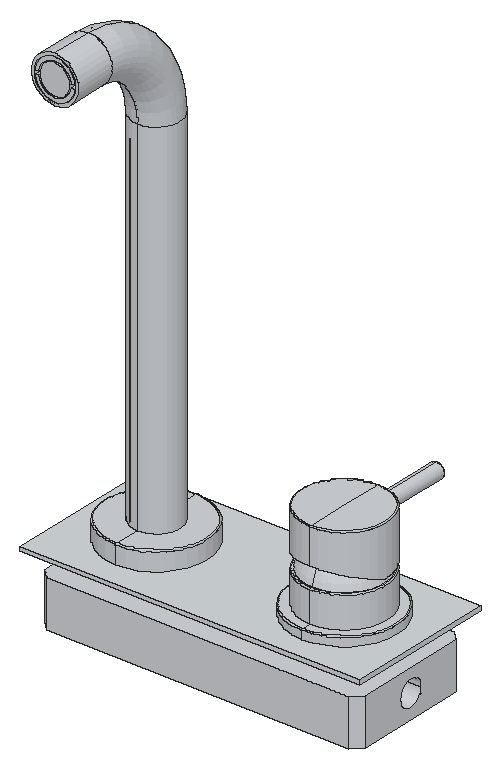
Revit family "Reece_Tap_Sussex_Scala_Curved_Basin Mixer System_25 mm", category Plumbing Fixtures, host Face, Revit 2018
Family settings
  Host = Face
  Round Connector Dimension = Use Diameter
  Part Type = Normal
  Cut with Voids When Loaded = No
  Shared = Yes
  Room Calculation Point = Yes
Parameters (values of type "250 mm_6 Star_Right Hand_Brushed Nickel")
  WFU = 0  # constant formula
  URL = "https://www.reece.com.au/product/-226012"
  Type Comments = "Tap"
  Reece_Tap_Reach = 250 mm
  Reece_Tap_Outlet_Reach = Reece_Tap_Reach - 2 mm  # 248 mm
  Reece_Tap_Inlet_Right = 12 mm
  Reece_Tap_Inlet_Left = 0 mm
  Reece_Tap_Handle_Top_Height = 27 mm  # constant formula
  Reece_Tap_Handle_Length = 84 mm  # constant formula
  Reece_Tap_Handle_Height = 51.5 mm  # constant formula
  Reece_Tap_Handle_Bottom_Height = 21.8 mm  # constant formula
  Reece_Tap_Clearance = 67 mm  # constant formula
  Reece_Right_Void = 24 mm
  Reece_Right Hand = not(Reece_Left Hand)  # yes
  Reece_Product_Web Page = "https://www.reece.com.au/product/-226012"
  Reece_Product_Type = "Tap"  # constant formula
  Reece_Product_Sub Brand = "Scala"  # constant formula
  Reece_Product_Number = "226012"
  Reece_Product_Mount = "Wall Mounted"
  Reece_Product_Description = "Sussex Scala 25mm Curved Wall Basin Mixer Tap System Right Hand Mixer Tap 250mm Outlet Brushed Nickel (6 Star)"
  Reece_Product_Brand = "Sussex"  # constant formula
  Reece_Plumbing_Right_Void_Length = 25 mm
  Reece_Plumbing_Left_Void_Length = 3 mm
  Reece_Overall_Width = 80 mm  # constant formula
  Reece_Overall_Length = 180 mm  # constant formula
  Reece_Overall_Diameter = 56 mm  # constant formula
  Reece_Material_Main = Reece_Brass_Brushed Nickel
  Reece_Left_Void = 12.5 mm
  Reece_Left Hand = no
  Reece_Detail_Shape = "Curved"  # constant formula
  Reece_Detail_Installation = ""
  Reece_Detail_Disclaimer = "THIS FILE IS THE PROPERTY OF THE REECE GROUP. IT MAY NOT BE REPRODUCED, REVERSE-ENGINEERED OR MODIFIED. ANY REPUBLICATION, TRANSMISSION OR DISTRIBUTION FOR THE PURPOSE OF COMMERCIALLY EXPLOITING THE FILES IS PROHIBITED."  # constant formula
  Reece_Detail_Connector = "Right Hand"
  Reece_Detail_Additional = "Basin Mixer System"  # constant formula
  Reece_Backplate_Thickness = 10 mm  # constant formula
  Model = "Scala"
  Manufacturer = "Sussex"
  Keynote = "Product #226012, Reece_Tap_Sussex_Scala_Curved_Basin Mixer System_25 mm - 250 mm_6 Star_Right Hand_Brushed Nickel"
  HWFU = 0  # constant formula
  Disclaimer = "THIS FILE IS THE PROPERTY OF THE REECE GROUP. IT MAY NOT BE REPRODUCED, REVERSE-ENGINEERED OR MODIFIED. ANY REPUBLICATION, TRANSMISSION OR DISTRIBUTION FOR THE PURPOSE OF COMMERCIALLY EXPLOITING THE FILES IS PROHIBITED."  # constant formula
  Description = "Scala 25mm Curved Wall Basin Mixer Tap System Right Hand Mixer Tap 250mm Outlet Brushed Nickel (6 Star)"
  Default Elevation = 1000 mm
  CWFU = 0  # constant formula
Types (20, lengths in mm): name | URL | Reece_Tap_Reach | Reece_Tap_Outlet_Reach | Reece_Tap_Inlet_Right | Reece_Tap_Inlet_Left | Reece_Right_Void | Reece_Right Hand | Reece_Product_Web Page | Reece_Product_Number | Reece_Product_Description | Reece_Plumbing_Right_Void_Length | Reece_Plumbing_Left_Void_Length | Reece_Material_Main | Reece_Left_Void | Reece_Left Hand | Reece_Detail_Connector | Keynote | Description
  160 mm_6 Star_Left Hand_Chrome | "https://www.reece.com.au/product/-2263023" | 160 | 158 | 0 | 12 | 12.5 | no | "https://www.reece.com.au/product/-2263023" | "2263023" | "Sussex Scala 25mm Curved Wall Basin Mixer Tap System Left Hand Mixer Tap 160mm Outlet Chrome (6 Star)" | 3 | 25 | Reece_Brass_Chrome | 24 | yes | "Left Hand" | "Product #2263023, Reece_Tap_Sussex_Scala_Curved_Basin Mixer System_25 mm - 160 mm_6 Star_Left Hand_Chrome" | "Scala 25mm Curved Wall Basin Mixer Tap System Left Hand Mixer Tap 160mm Outlet Chrome (6 Star)"
  160 mm_6 Star_Right Hand_Brushed Nickel | "https://www.reece.com.au/product/-226001" | 160 | 158 | 12 | 0 | 24 | yes | "https://www.reece.com.au/product/-226001" | "226001" | "Sussex Scala 25mm Curved Wall Basin Mixer Tap System Right Hand Mixer Tap 160mm Outlet Brushed Nickel (6 Star)" | 25 | 3 | Reece_Brass_Brushed Nickel | 12.5 | no | "Right Hand" | "Product #226001, Reece_Tap_Sussex_Scala_Curved_Basin Mixer System_25 mm - 160 mm_6 Star_Right Hand_Brushed Nickel" | "Scala 25mm Curved Wall Basin Mixer Tap System Right Hand Mixer Tap 160mm Outlet Brushed Nickel (6 Star)"
  160 mm_6 Star_Left Hand_PVD Brushed Platinum Gold | "https://www.reece.com.au/product/-2268245" | 160 | 158 | 0 | 12 | 12.5 | no | "https://www.reece.com.au/product/-2268245" | "2268245" | "Sussex Scala 25mm Curved Wall Basin Mixer Tap System Left Hand Mixer Tap 160mm Outlet LUX PVD Brushed Platinum Gold (6 Star)" | 3 | 25 | Reece_PVD_Brushed_Platinum Gold | 24 | yes | "Left Hand" | "Product #2268245, Reece_Tap_Sussex_Scala_Curved_Basin Mixer System_25 mm - 160 mm_6 Star_Left Hand_PVD Brushed Platinum Gold" | "Scala 25mm Curved Wall Basin Mixer Tap System Left Hand Mixer Tap 160mm Outlet LUX PVD Brushed Platinum Gold (6 Star)"
  200 mm_6 Star_Left Hand_Chrome | "https://www.reece.com.au/product/-2263025" | 200 | 198 | 0 | 12 | 12.5 | no | "https://www.reece.com.au/product/-2263025" | "2263025" | "Sussex Scala 25mm Curved Wall Basin Mixer Tap System Left Hand Mixer Tap 200mm Outlet Chrome (6 Star)" | 3 | 25 | Reece_Brass_Chrome | 24 | yes | "Left Hand" | "Product #2263025, Reece_Tap_Sussex_Scala_Curved_Basin Mixer System_25 mm - 200 mm_6 Star_Left Hand_Chrome" | "Scala 25mm Curved Wall Basin Mixer Tap System Left Hand Mixer Tap 200mm Outlet Chrome (6 Star)"
  200 mm_6 Star_Left Hand_PVD Brushed Platinum Gold | "https://www.reece.com.au/product/-2268246" | 200 | 198 | 0 | 12 | 12.5 | no | "https://www.reece.com.au/product/-2268246" | "2268246" | "Sussex Scala 25mm Curved Wall Basin Mixer Tap System Left Hand Mixer Tap 200mm Outlet LUX PVD Brushed Platinum Gold (6 Star)" | 3 | 25 | Reece_PVD_Brushed_Platinum Gold | 24 | yes | "Left Hand" | "Product #2268246, Reece_Tap_Sussex_Scala_Curved_Basin Mixer System_25 mm - 200 mm_6 Star_Left Hand_PVD Brushed Platinum Gold" | "Scala 25mm Curved Wall Basin Mixer Tap System Left Hand Mixer Tap 200mm Outlet LUX PVD Brushed Platinum Gold (6 Star)"
  200 mm_6 Star_Left Hand_Matte Black | "https://www.reece.com.au/product/-2284016" | 200 | 198 | 0 | 12 | 12.5 | no | "https://www.reece.com.au/product/-2284016" | "2284016" | "Sussex Scala 25mm Curved Wall Basin Mixer Tap System Left Hand Mixer Tap 200mm Outlet Matte Black (6 Star)" | 3 | 25 | Reece_Brass_Matte Black | 24 | yes | "Left Hand" | "Product #2284016, Reece_Tap_Sussex_Scala_Curved_Basin Mixer System_25 mm - 200 mm_6 Star_Left Hand_Matte Black" | "Scala 25mm Curved Wall Basin Mixer Tap System Left Hand Mixer Tap 200mm Outlet Matte Black (6 Star)"
  250 mm_6 Star_Left Hand_Chrome | "https://www.reece.com.au/product/-2263027" | 250 | 248 | 0 | 12 | 12.5 | no | "https://www.reece.com.au/product/-2263027" | "2263027" | "Sussex Scala 25mm Curved Wall Basin Mixer Tap System Left Hand Mixer Tap 250mm Outlet Chrome (6 Star)" | 3 | 25 | Reece_Brass_Chrome | 24 | yes | "Left Hand" | "Product #2263027, Reece_Tap_Sussex_Scala_Curved_Basin Mixer System_25 mm - 250 mm_6 Star_Left Hand_Chrome" | "Scala 25mm Curved Wall Basin Mixer Tap System Left Hand Mixer Tap 250mm Outlet Chrome (6 Star)"
  250 mm_6 Star_Left Hand_PVD Brushed Platinum Gold | "https://www.reece.com.au/product/-2268247" | 250 | 248 | 0 | 12 | 12.5 | no | "https://www.reece.com.au/product/-2268247" | "2268247" | "Sussex Scala 25mm Curved Wall Basin Mixer Tap System Left Hand Mixer Tap 250mm Outlet LUX PVD Brushed Platinum Gold (6 Star)" | 25 | 3 | Reece_PVD_Brushed_Platinum Gold | 24 | yes | "Left Hand" | "Product #2268247, Reece_Tap_Sussex_Scala_Curved_Basin Mixer System_25 mm - 250 mm_6 Star_Left Hand_PVD Brushed Platinum Gold" | "Scala 25mm Curved Wall Basin Mixer Tap System Left Hand Mixer Tap 250mm Outlet LUX PVD Brushed Platinum Gold (6 Star)"
  160 mm_6 Star_Right Hand_Chrome | "https://www.reece.com.au/product/-2263024" | 160 | 158 | 12 | 0 | 24 | yes | "https://www.reece.com.au/product/-2263024" | "2263024" | "Sussex Scala 25mm Curved Wall Basin Mixer Tap System Right Hand Mixer Tap 160mm Outlet Chrome (6 Star)" | 25 | 3 | Reece_Brass_Chrome | 12.5 | no | "Right Hand" | "Product #2263024, Reece_Tap_Sussex_Scala_Curved_Basin Mixer System_25 mm - 160 mm_6 Star_Right Hand_Chrome" | "Scala 25mm Curved Wall Basin Mixer Tap System Right Hand Mixer Tap 160mm Outlet Chrome (6 Star)"
  160 mm_6 Star_Right Hand_Living Rustic Bronze | "https://www.reece.com.au/product/-2264201" | 160 | 158 | 12 | 0 | 24 | yes | "https://www.reece.com.au/product/-2264201" | "2264201" | "Sussex Scala 25mm Curved Wall Basin Mixer Tap System Right Hand Mixer Tap 160mm Outlet Living Rustic Bronze (6 Star)" | 25 | 3 | Reece_Metal_Bronze_Living Rustic | 12.5 | no | "Right Hand" | "Product #2264201, Reece_Tap_Sussex_Scala_Curved_Basin Mixer System_25 mm - 160 mm_6 Star_Right Hand_Living Rustic Bronze" | "Scala 25mm Curved Wall Basin Mixer Tap System Right Hand Mixer Tap 160mm Outlet Living Rustic Bronze (6 Star)"
  160 mm_6 Star_Right Hand_PVD Brushed Platinum Gold | "https://www.reece.com.au/product/-2268242" | 160 | 158 | 12 | 0 | 24 | yes | "https://www.reece.com.au/product/-2268242" | "2268242" | "Sussex Scala 25mm Curved Wall Basin Mixer Tap System Right Hand Mixer Tap 160mm Outlet LUX PVD Brushed Platinum Gold (6 Star)" | 25 | 3 | Reece_PVD_Brushed_Platinum Gold | 12.5 | no | "Right Hand" | "Product #2268242, Reece_Tap_Sussex_Scala_Curved_Basin Mixer System_25 mm - 160 mm_6 Star_Right Hand_PVD Brushed Platinum Gold" | "Scala 25mm Curved Wall Basin Mixer Tap System Right Hand Mixer Tap 160mm Outlet LUX PVD Brushed Platinum Gold (6 Star)"
  200 mm_6 Star_Right Hand_Brushed Gunmetal | "https://www.reece.com.au/product/-2262513" | 200 | 198 | 12 | 0 | 24 | yes | "https://www.reece.com.au/product/-2262513" | "2262513" | "Sussex Scala 25mm Curved Wall Basin Mixer Tap System Right Hand Mixer Tap 200mm Outlet Brushed Gunmetal (6 Star)" | 25 | 3 | Reece_Brass_Brushed Gunmetal | 12.5 | no | "Right Hand" | "Product #2262513, Reece_Tap_Sussex_Scala_Curved_Basin Mixer System_25 mm - 200 mm_6 Star_Right Hand_Brushed Gunmetal" | "Scala 25mm Curved Wall Basin Mixer Tap System Right Hand Mixer Tap 200mm Outlet Brushed Gunmetal (6 Star)"
  200 mm_6 Star_Right Hand_Brushed Nickel | "https://www.reece.com.au/product/-226011" | 200 | 198 | 12 | 0 | 24 | yes | "https://www.reece.com.au/product/-226011" | "226011" | "Sussex Scala 25mm Curved Wall Basin Mixer Tap System Right Hand Mixer Tap 200mm Outlet Brushed Nickel (6 Star)" | 25 | 3 | Reece_Brass_Brushed Nickel | 12.5 | no | "Right Hand" | "Product #226011, Reece_Tap_Sussex_Scala_Curved_Basin Mixer System_25 mm - 200 mm_6 Star_Right Hand_Brushed Nickel" | "Scala 25mm Curved Wall Basin Mixer Tap System Right Hand Mixer Tap 200mm Outlet Brushed Nickel (6 Star)"
  200 mm_6 Star_Right Hand_Chrome | "https://www.reece.com.au/product/-2263026" | 200 | 198 | 12 | 0 | 24 | yes | "https://www.reece.com.au/product/-2263026" | "2263026" | "Sussex Scala 25mm Curved Wall Basin Mixer Tap System Right Hand Mixer Tap 200mm Outlet Chrome (6 Star)" | 25 | 3 | Reece_Brass_Chrome | 12.5 | no | "Right Hand" | "Product #2263026, Reece_Tap_Sussex_Scala_Curved_Basin Mixer System_25 mm - 200 mm_6 Star_Right Hand_Chrome" | "Scala 25mm Curved Wall Basin Mixer Tap System Right Hand Mixer Tap 200mm Outlet Chrome (6 Star)"
  200 mm_6 Star_Right Hand_Living Brushed Brass | "https://www.reece.com.au/product/-2266931" | 200 | 198 | 12 | 0 | 24 | yes | "https://www.reece.com.au/product/-2266931" | "2266931" | "Sussex Scala 25mm Curved Wall Basin Mixer Tap System Right Hand Mixer Tap 200mm Outlet Living Brushed Brass (6 Star)" | 25 | 3 | Reece_Brass_Living Brushed | 12.5 | no | "Right Hand" | "Product #2266931, Reece_Tap_Sussex_Scala_Curved_Basin Mixer System_25 mm - 200 mm_6 Star_Right Hand_Living Brushed Brass" | "Scala 25mm Curved Wall Basin Mixer Tap System Right Hand Mixer Tap 200mm Outlet Living Brushed Brass (6 Star)"
  200 mm_6 Star_Right Hand_PVD Brushed Platinum Gold | "https://www.reece.com.au/product/-2268244" | 200 | 198 | 12 | 0 | 24 | yes | "https://www.reece.com.au/product/-2268244" | "2268244" | "Sussex Scala 25mm Curved Wall Basin Mixer Tap System Right Hand Mixer Tap 200mm Outlet LUX PVD Brushed Platinum Gold (6 Star)" | 25 | 3 | Reece_PVD_Brushed_Platinum Gold | 12.5 | no | "Right Hand" | "Product #2268244, Reece_Tap_Sussex_Scala_Curved_Basin Mixer System_25 mm - 200 mm_6 Star_Right Hand_PVD Brushed Platinum Gold" | "Scala 25mm Curved Wall Basin Mixer Tap System Right Hand Mixer Tap 200mm Outlet LUX PVD Brushed Platinum Gold (6 Star)"
  200 mm_6 Star_Right Hand_Matte Black | "https://www.reece.com.au/product/-2284017" | 200 | 198 | 12 | 0 | 24 | yes | "https://www.reece.com.au/product/-2284017" | "2284017" | "Sussex Scala 25mm Curved Wall Basin Mixer Tap System Right Hand Mixer Tap 200mm Outlet Matte Black (6 Star)" | 25 | 3 | Reece_Brass_Matte Black | 12.5 | no | "Right Hand" | "Product #2284017, Reece_Tap_Sussex_Scala_Curved_Basin Mixer System_25 mm - 200 mm_6 Star_Right Hand_Matte Black" | "Scala 25mm Curved Wall Basin Mixer Tap System Right Hand Mixer Tap 200mm Outlet Matte Black (6 Star)"
  250 mm_6 Star_Right Hand_Brushed Nickel | "https://www.reece.com.au/product/-226012" | 250 | 248 | 12 | 0 | 24 | yes | "https://www.reece.com.au/product/-226012" | "226012" | "Sussex Scala 25mm Curved Wall Basin Mixer Tap System Right Hand Mixer Tap 250mm Outlet Brushed Nickel (6 Star)" | 25 | 3 | Reece_Brass_Brushed Nickel | 12.5 | no | "Right Hand" | "Product #226012, Reece_Tap_Sussex_Scala_Curved_Basin Mixer System_25 mm - 250 mm_6 Star_Right Hand_Brushed Nickel" | "Scala 25mm Curved Wall Basin Mixer Tap System Right Hand Mixer Tap 250mm Outlet Brushed Nickel (6 Star)"
  250 mm_6 Star_Right Hand_Chrome | "https://www.reece.com.au/product/-2263028" | 250 | 248 | 12 | 0 | 24 | yes | "https://www.reece.com.au/product/-2263028" | "2263028" | "Sussex Scala 25mm Curved Wall Basin Mixer Tap System Right Hand Mixer Tap 250mm Outlet Chrome (6 Star)" | 25 | 3 | Reece_Brass_Chrome | 12.5 | no | "Right Hand" | "Product #2263028, Reece_Tap_Sussex_Scala_Curved_Basin Mixer System_25 mm - 250 mm_6 Star_Right Hand_Chrome" | "Scala 25mm Curved Wall Basin Mixer Tap System Right Hand Mixer Tap 250mm Outlet Chrome (6 Star)"
  250 mm_6 Star_Right Hand_PVD Brushed Platinum Gold | "https://www.reece.com.au/product/-2268243" | 250 | 248 | 12 | 0 | 24 | yes | "https://www.reece.com.au/product/-2268243" | "2268243" | "Sussex Scala 25mm Curved Wall Basin Mixer Tap System Right Hand Mixer Tap 250mm Outlet LUX PVD Brushed Platinum Gold (6 Star)" | 25 | 3 | Reece_PVD_Brushed_Platinum Gold | 12.5 | no | "Right Hand" | "Product #2268243, Reece_Tap_Sussex_Scala_Curved_Basin Mixer System_25 mm - 250 mm_6 Star_Right Hand_PVD Brushed Platinum Gold" | "Scala 25mm Curved Wall Basin Mixer Tap System Right Hand Mixer Tap 250mm Outlet LUX PVD Brushed Platinum Gold (6 Star)"
Reference planes
  plane 1 "Center (Front/Back)": y = 0
  plane 2 "Bottom": z = 0
  plane 3 "Center (Left/Right)": x = 0
  plane 4 "Top": z = 250
  plane 5: y = 40
  plane 6: y = -40
  plane 7: x = -90
  plane 8: x = 90
  plane 9: x = -49.8
  plane 10: x = 49.8
  plane 11: y = -67
  plane 12: z = 2
  plane 13: z = -23.75
  plane 14: x = -87
  plane 15: y = 37
  plane 16: y = 15
  plane 17: x = 65
  plane 18: y = -22.5
  plane 19: y = 61.5
Forms (mm)
  Extrusion 1, solid, material "Reece_Brass_Brushed Nickel" <- "Reece_Material_Main"
    sketch origin (0, 0, 0) x (1, 0, 0) y (0, 1, 0)
      loop
        line (-90, 40) -> (-90, -40) -> (90, -40) -> (90, 40) -> (-90, 40)
    from 0 to 2
  Revolve 2, void
    sketch origin (0, 0, 0) x (1, 0, 0) y (0, 0, 1)
      loop
        line (-49.8, 2) -> (-49.8, -39.258) -> (-37.3, -39.258) -> (-37.3, 2) -> (-49.8, 2)
      axis (-49.8, 2) -> (-49.8, -39.258)
    angle from 0 to 360
  Revolve 3, void
    sketch origin (99.6, 0, 0) x (1, 0, 0) y (0, 0, 1)
      loop
        line (-49.8, 2) -> (-49.8, -41.506) -> (-25.8, -41.506) -> (-25.8, 2) -> (-49.8, 2)
      axis (-49.8, 2) -> (-49.8, -41.506)
    angle from 0 to 360
  Revolve 4, solid, visible <- "Reece_Left Hand"
    sketch origin (-79.101, 0, 1219.2) x (-1, 0, 0) y (0, 0, -1)
      loop
        line (-140.374, 1230.612) -> (-140.374, 1229.603) -> (-139.209, 1229.603) -> (-139.978, 1229.064) -> (-139.209, 1228.526) -> (-139.978, 1227.987) -> (-139.209, 1227.449) -> (-139.978, 1226.91) -> (-139.209, 1226.371) -> (-139.978, 1225.833) -> (-139.209, 1225.294) -> (-139.978, 1224.756) -> (-139.209, 1224.217) -> (-139.978, 1223.678) -> (-139.209, 1223.14) -> (-139.978, 1222.601) -> (-139.209, 1222.063) -> (-139.978, 1221.524) -> (-139.209, 1220.985) -> (-139.978, 1220.447) -> (-139.209, 1219.908) -> (-139.978, 1219.37) -> (-139.209, 1218.831) -> (-139.978, 1218.292) -> (-139.209, 1217.754) -> (-140, 1217.2) -> (-128.901, 1217.2) -> (-128.901, 1230.612) -> (-140.374, 1230.612)
      axis (-128.901, 1217.2) -> (-128.901, 1230.612)
    angle from 0 to 360
  Extrusion 5, solid
    sketch origin (0, 0, 0) x (1, 0, 0) y (0, 1, 0)
      loop
        line (-85, 30) -> (-85, -30) -> (-80, -35) -> (80, -35) -> (85, -30) -> (85, 30) -> (80, 35) -> (-80, 35) -> (-85, 30)
    from -36.057 to -11.412
  Extrusion 6, void
    sketch origin (0, 0, 0) x (1, 0, 0) y (0, 1, 0)
      loop
        line (-90, 40) -> (-90, -40) -> (90, -40) -> (90, 40) -> (-90, 40)
    from -46.112 to 0
  Revolve 7, solid, visible <- "Reece_Left Hand"
    sketch origin (0, 0, 0) x (1, 0, 0) y (0, 0, 1)
      loop
        line (-49.8, 2) -> (-49.8, -11.412) -> (-27.752, -11.412) -> (-27.752, 2) -> (-49.8, 2)
      axis (-49.8, 2) -> (-49.8, -11.412)
    angle from 0 to 360
  Revolve 8, solid, visible <- "Reece_Right Hand"
    sketch origin (99.6, 0, 0) x (1, 0, 0) y (0, 0, 1)
      loop
        line (-49.8, 2) -> (-49.8, -11.412) -> (-27.752, -11.412) -> (-27.752, 2) -> (-49.8, 2)
      axis (-49.8, 2) -> (-49.8, -11.412)
    angle from 0 to 360
  Revolve 9, solid, visible <- "Reece_Right Hand"
    sketch origin (79.101, 0, 1219.2) x (1, 0, 0) y (0, 0, 1)
      loop
        line (-140.374, -1230.612) -> (-128.901, -1230.612) -> (-128.901, -1217.2) -> (-140, -1217.2) -> (-139.209, -1217.754) -> (-139.978, -1218.292) -> (-139.209, -1218.831) -> (-139.978, -1219.37) -> (-139.209, -1219.908) -> (-139.978, -1220.447) -> (-139.209, -1220.985) -> (-139.978, -1221.524) -> (-139.209, -1222.063) -> (-139.978, -1222.601) -> (-139.209, -1223.14) -> (-139.978, -1223.678) -> (-139.209, -1224.217) -> (-139.978, -1224.756) -> (-139.209, -1225.294) -> (-139.978, -1225.833) -> (-139.209, -1226.371) -> (-139.978, -1226.91) -> (-139.209, -1227.449) -> (-139.978, -1227.987) -> (-139.209, -1228.526) -> (-139.978, -1229.064) -> (-139.209, -1229.603) -> (-140.374, -1229.603) -> (-140.374, -1230.612)
      axis (-128.901, -1217.2) -> (-128.901, -1230.612)
    angle from 0 to 360
  Revolve 10, void
    sketch origin (0, 0, -23.75) x (1, 0, 0) y (0, 1, 0)
      loop
        line (34.8, 15) -> (41.8, 15) -> (41.8, 40) -> (34.8, 40) -> (34.8, 15)
      axis (34.8, 40) -> (34.8, 15)
    angle from 0 to 360
  Revolve 11, void
    sketch origin (0, 0, -23.5) x (1, 0, 0) y (0, 1, 0)
      loop
        line (65, 0) -> (90, 0) -> (90, 7) -> (65, 7) -> (65, 0)
      axis (65, 0) -> (90, 0)
    angle from 0 to 360
  Revolve 12, void
    sketch origin (0, 0, -23.75) x (-1, 0, 0) y (0, -1, 0)
      loop
        line (34.8, -37) -> (34.8, -40) -> (41.8, -40) -> (41.8, -37) -> (34.8, -37)
      axis (34.8, -40) -> (34.8, -37)
    angle from 0 to 360
  Revolve 13, void
    sketch origin (0, 0, -23.5) x (-1, 0, 0) y (0, -1, 0)
      loop
        line (87, 0) -> (87, -7) -> (90, -7) -> (90, 0) -> (87, 0)
      axis (87, 0) -> (90, 0)
    angle from 0 to 360
Cuts and joins
  Revolve 2, Revolve 3, Revolve 10 cuts Extrusion 1
  Revolve 10 cuts Revolve 8
  Revolve 10, Revolve 11, Revolve 12, Revolve 13 cuts Extrusion 5
Text (mm)
  text "Reece Copyright © 2018, Reece Ltd." at (-184.095, -168.531, 0), in view "Ref. Level"
  text "Reece ©" at (44.384, 258.95, 192.345), in view "Reece Preview"
Dimensions and locks
  "Reece_Tap_Reach": plane 4 "Top" to plane 2 "Bottom"
  "Reece_Overall_Width": plane 6 to plane 5
  "Reece_Overall_Length": plane 7 to plane 8
  plane 9 to plane 10 = 99.6 mm
  "Reece_Tap_Clearance": plane 11 to plane 1 "Center (Front/Back)"
  plane 4 "Top" to plane 2 "Bottom" = 250 mm
  plane 10 to plane 9 = 99.6 mm
  plane 2 "Bottom" to plane 4 "Top" = 250 mm
  "Reece_Tap_Clearance": plane 1 "Center (Front/Back)" to plane 11
  "Reece_Left_Void": Revolve 2 sketch curve to Revolve 2 sketch curve
  "Reece_Right_Void": Revolve 3 sketch curve to Revolve 3 sketch curve
  "Reece_Plumbing_Left_Void_Length": plane 7 to plane 14
  "Reece_Plumbing_Left_Void_Length": plane 15 to plane 5
  "Reece_Plumbing_Right_Void_Length": plane 5 to plane 16
  "Reece_Plumbing_Right_Void_Length": plane 17 to plane 8
  "Reece_Tap_Handle_Length": plane 19 to plane 18
  aligned and locked: plane 2 "Bottom" to host face
  aligned and locked: level to host face
  aligned and locked: plane 9 to nested 3
  aligned and locked: plane 10 to nested 4
  aligned and locked: plane 1 "Center (Front/Back)" to nested 4
  aligned and locked: plane 5 to Revolve 10 sketch curve
  aligned and locked: plane 7 to Revolve 13
  aligned and locked: plane 15 to cut or joined group of Extrusion 5, Revolve 10, Revolve 11, Revolve 12, Revolve 13
  aligned and locked: plane 16 to cut or joined group of Extrusion 5, Revolve 10, Revolve 11, Revolve 12, Revolve 13
  aligned and locked: plane 17 to cut or joined group of Extrusion 5, Revolve 10, Revolve 11, Revolve 12, Revolve 13
  aligned and locked: plane 14 to Revolve 13
Automatic sketch dimensions
  host sketch curve to host sketch curve = 380.785 mm
  host sketch curve to host sketch curve = 317.421 mm
  plane 6 to Extrusion 1 sketch curve = 0 mm
  Extrusion 1 sketch curve to plane 7 = 0 mm
  Extrusion 1 sketch curve to plane 8 = 0 mm
  plane 5 to Extrusion 1 sketch curve = 0 mm
  Revolve 4 sketch curve to plane 12 = 0 mm
  Revolve 4 sketch curve to plane 10 = 0 mm  (x2)
  level to Revolve 4 sketch curve = 0.369 mm
  plane 10 to Revolve 4 sketch curve = 10.308 mm
  Revolve 4 sketch curve to plane 12 = 0.554 mm
  Revolve 4 sketch curve to Revolve 4 sketch curve = 0 mm  (x11)
  Revolve 4 sketch curve to level = 0.708 mm
  Revolve 4 sketch curve to level = 1.785 mm
  Revolve 4 sketch curve to level = 2.863 mm
  Revolve 4 sketch curve to level = 3.94 mm
  Revolve 4 sketch curve to level = 5.017 mm
  Revolve 4 sketch curve to Revolve 4 sketch curve = 0.769 mm  (x11)
  Revolve 4 sketch curve to level = 4.478 mm
  Revolve 4 sketch curve to level = 3.401 mm
  Revolve 4 sketch curve to level = 2.324 mm
  Revolve 4 sketch curve to level = 1.247 mm
  Revolve 4 sketch curve to level = 0.17 mm
  level to Revolve 4 sketch curve = 0.908 mm
  Revolve 4 sketch curve to Revolve 4 sketch curve = 0.791 mm
  Revolve 4 sketch curve to Revolve 4 sketch curve = 0.397 mm
  Revolve 4 sketch curve to Revolve 4 sketch curve = 0.539 mm  (x10)
  Revolve 4 sketch curve to Revolve 4 sketch curve = 1.009 mm
  Revolve 4 sketch curve to Revolve 4 sketch curve = 6.93 mm
  Revolve 4 sketch curve to plane 13 = 13.767 mm
  Extrusion 5 sketch curve to plane 7 = 5 mm
  plane 5 to Extrusion 5 sketch curve = 5 mm
  Extrusion 5 sketch curve to Extrusion 5 sketch curve = 5 mm  (x6)
  Extrusion 5 sketch curve to plane 6 = 5 mm
  plane 8 to Extrusion 5 sketch curve = 10 mm  (x2)
  plane 8 to Extrusion 5 sketch curve = 5 mm
  plane 6 to Extrusion 6 sketch curve = 0 mm
  Extrusion 6 sketch curve to plane 7 = 0 mm
  Extrusion 6 sketch curve to plane 8 = 0 mm
  plane 5 to Extrusion 6 sketch curve = 0 mm
  Revolve 7 sketch curve to plane 9 = 0 mm  (x2)
  Revolve 7 sketch curve to plane 12 = 0 mm
  plane 9 to Revolve 7 sketch curve = 22.048 mm
  Revolve 7 sketch curve to level = 11.412 mm
  Revolve 7 sketch curve to level = 3 mm
  plane 13 to Revolve 7 sketch curve = 5.75 mm
  Revolve 8 sketch curve to plane 10 = 0 mm  (x2)
  Revolve 8 sketch curve to plane 12 = 0 mm
  plane 8 to Revolve 8 sketch curve = 18.152 mm
  Revolve 8 sketch curve to level = 11.412 mm
  Revolve 8 sketch curve to level = 3 mm
  plane 13 to Revolve 8 sketch curve = 5.75 mm
  Revolve 9 sketch curve to plane 12 = 0 mm
  Revolve 9 sketch curve to plane 9 = 0 mm  (x2)
  level to Revolve 9 sketch curve = 0.369 mm
  Revolve 9 sketch curve to plane 9 = 10.308 mm
  Revolve 9 sketch curve to plane 12 = 0.554 mm
  Revolve 9 sketch curve to Revolve 9 sketch curve = 0 mm  (x11)
  Revolve 9 sketch curve to level = 0.708 mm
  Revolve 9 sketch curve to level = 1.785 mm
  Revolve 9 sketch curve to level = 2.863 mm
  Revolve 9 sketch curve to level = 3.94 mm
  Revolve 9 sketch curve to level = 5.017 mm
  Revolve 9 sketch curve to Revolve 9 sketch curve = 0.769 mm  (x11)
  Revolve 9 sketch curve to level = 4.478 mm
  Revolve 9 sketch curve to level = 3.401 mm
  Revolve 9 sketch curve to level = 2.324 mm
  Revolve 9 sketch curve to level = 1.247 mm
  Revolve 9 sketch curve to level = 0.17 mm
  level to Revolve 9 sketch curve = 0.908 mm
  Revolve 9 sketch curve to Revolve 9 sketch curve = 0.791 mm
  Revolve 9 sketch curve to Revolve 9 sketch curve = 0.397 mm
  Revolve 9 sketch curve to Revolve 9 sketch curve = 0.539 mm  (x10)
  Revolve 9 sketch curve to Revolve 9 sketch curve = 1.009 mm
  Revolve 9 sketch curve to plane 13 = 13.767 mm
  Revolve 9 sketch curve to Revolve 9 sketch curve = 6.93 mm
  Revolve 10 sketch curve to plane 10 = 15 mm
  Revolve 10 sketch curve to Revolve 10 sketch curve = 7 mm
  Revolve 10 sketch curve to plane 1 "Center (Front/Back)" = 15 mm
  Revolve 10 sketch curve to Revolve 10 sketch curve = 0 mm
  Revolve 10 sketch curve to Revolve 10 sketch curve = 9.784 mm
  Revolve 10 sketch curve to Revolve 10 sketch curve = 8 mm
  plane 1 "Center (Front/Back)" to Revolve 11 sketch curve = 0 mm  (x2)
  Revolve 11 sketch curve to plane 8 = 0 mm
  plane 10 to Revolve 11 sketch curve = 15.2 mm
  Revolve 11 sketch curve to Revolve 11 sketch curve = 7 mm
  plane 8 to Revolve 11 sketch curve = 10 mm
  Revolve 11 sketch curve to Revolve 11 sketch curve = 10 mm
  plane 5 to Revolve 12 sketch curve = 0 mm
  plane 9 to Revolve 12 sketch curve = 15 mm
  Revolve 12 sketch curve to Revolve 12 sketch curve = 7 mm
  Revolve 12 sketch curve to plane 1 "Center (Front/Back)" = 37 mm
  Revolve 12 sketch curve to Revolve 12 sketch curve = 0 mm
  Revolve 12 sketch curve to plane 5 = 8 mm
  Revolve 12 sketch curve to Revolve 12 sketch curve = 13.357 mm
  plane 1 "Center (Front/Back)" to Revolve 13 sketch curve = 0 mm  (x2)
  Revolve 13 sketch curve to plane 7 = 0 mm
  Revolve 13 sketch curve to plane 9 = 37.2 mm
  Revolve 13 sketch curve to Revolve 13 sketch curve = 7 mm
  Revolve 13 sketch curve to Revolve 13 sketch curve = 10 mm
  plane 7 to Revolve 13 sketch curve = 10 mm
  Revolve 2 sketch curve to plane 9 = 0 mm  (x2)
  Revolve 2 sketch curve to plane 12 = 0 mm
  Revolve 2 sketch curve to plane 13 = 15.508 mm
  plane 13 to Revolve 2 sketch curve = 3.265 mm
  Revolve 2 sketch curve to Revolve 2 sketch curve = 1.228 mm
  Revolve 3 sketch curve to plane 10 = 0 mm  (x2)
  Revolve 3 sketch curve to plane 12 = 0 mm
  Revolve 3 sketch curve to plane 13 = 17.756 mm
  plane 13 to Revolve 3 sketch curve = 3.265 mm
  Revolve 3 sketch curve to Revolve 3 sketch curve = 1.02 mm
Nested families
  nested 1: "Reece_Tap_Sussex_Scala_Curved_25 mm_Nested" at (49.8, 0, 2), visible <- "Reece_Left Hand", Reece_Tap_Clearance <- "Reece_Tap_Clearance", Reece_Tap_Reach <- "Reece_Tap_Outlet_Reach", Reece_Backplate_Thickness <- "Reece_Backplate_Thickness", Reece_Material_Main <- "Reece_Material_Main", type "Reece_Tap_Sussex_Scala_Curved_25 mm_Nested"
    with Reece_Tap_Reach 248 mm, Reece_Tap_Clearance 67 mm, Reece_Overall_Length 260.5 mm, Reece_Material_Main Reece_Brass_Brushed Nickel, Reece_Backplate_Thickness 10 mm
  nested 2: "Reece_Tap_Sussex_Scala_Curved_25 mm_Nested" at (-49.8, 0, 2), visible <- "Reece_Right Hand", Reece_Tap_Clearance <- "Reece_Tap_Clearance", Reece_Tap_Reach <- "Reece_Tap_Outlet_Reach", Reece_Backplate_Thickness <- "Reece_Backplate_Thickness", Reece_Material_Main <- "Reece_Material_Main", type "Reece_Tap_Sussex_Scala_Curved_25 mm_Nested"
    with Reece_Tap_Reach 248 mm, Reece_Tap_Clearance 67 mm, Reece_Overall_Length 260.5 mm, Reece_Material_Main Reece_Brass_Brushed Nickel, Reece_Backplate_Thickness 10 mm
  nested 3: "Reece_Tap_Sussex_Scala_Mixer_Nested" at (-49.8, 0, 2), visible <- "Reece_Left Hand", Reece_Material_Main <- "Reece_Material_Main", Reece_Overall_Diameter <- "Reece_Overall_Diameter", Reece_Tap_Handle_Height <- "Reece_Tap_Handle_Height", Reece_Tap_Handle_Top_Height <- "Reece_Tap_Handle_Top_Height", Reece_Tap_Handle_Bottom_Height <- "Reece_Tap_Handle_Bottom_Height", Reece_Tap_Projection <- "Reece_Tap_Handle_Length", type "Reece_Tap_Sussex_Scala_Mixer_Nested"
    with Reece_Tap_Projection 84 mm, Reece_Tap_Handle_Top_Height 27 mm, Reece_Tap_Handle_Height 51.5 mm, Reece_Tap_Handle_Bottom_Height 21.8 mm, Reece_Overall_Diameter 56 mm, Reece_Material_Main Reece_Brass_Brushed Nickel
  nested 4: "Reece_Tap_Sussex_Scala_Mixer_Nested" at (49.8, 0, 2), visible <- "Reece_Right Hand", Reece_Material_Main <- "Reece_Material_Main", Reece_Overall_Diameter <- "Reece_Overall_Diameter", Reece_Tap_Handle_Height <- "Reece_Tap_Handle_Height", Reece_Tap_Handle_Top_Height <- "Reece_Tap_Handle_Top_Height", Reece_Tap_Handle_Bottom_Height <- "Reece_Tap_Handle_Bottom_Height", Reece_Tap_Projection <- "Reece_Tap_Handle_Length", type "Reece_Tap_Sussex_Scala_Mixer_Nested"
    with Reece_Tap_Projection 84 mm, Reece_Tap_Handle_Top_Height 27 mm, Reece_Tap_Handle_Height 51.5 mm, Reece_Tap_Handle_Bottom_Height 21.8 mm, Reece_Overall_Diameter 56 mm, Reece_Material_Main Reece_Brass_Brushed Nickel
Connectors
  piping at (85, 0, -23.734), diameter 12, driven by "Reece_Tap_Inlet_Right"
    settings: on cut or joined group of Extrusion 5, Revolve 10, Revolve 11, Revolve 12, Revolve 13, index 1, connector inside diameter 609.6 mm, connector length 0 mm, flow factor 0, pipe flow 0.0 L/s, pressure drop 0.0 Pa, fitting loss kfactor 0, connector angle 0.00°, fixture units 0, engagement length 0 mm, angle of deflection 0.00°, flow configuration 0, flow direction 1, fitting loss method 0, system type 29, joint type 0, gender type 0, connector reference index -1, connector utility 0, adjustable connector no, is connector primary yes, connector description ""
  piping at (34.8, 35, -23.75), diameter 12, driven by "Reece_Tap_Inlet_Right"
    settings: on cut or joined group of Extrusion 5, Revolve 10, Revolve 11, Revolve 12, Revolve 13, index 2, connector inside diameter 609.6 mm, connector length 0 mm, flow factor 0, pipe flow 0.0 L/s, pressure drop 0.0 Pa, fitting loss kfactor 0, connector angle 0.00°, fixture units 0, engagement length 0 mm, angle of deflection 0.00°, flow configuration 0, flow direction 1, fitting loss method 0, system type 29, joint type 0, gender type 0, connector reference index -1, connector utility 0, adjustable connector no, is connector primary no, connector description ""
  piping at (-34.8, 35, -23.75), driven by "Reece_Tap_Inlet_Left"
    settings: on cut or joined group of Extrusion 5, Revolve 10, Revolve 11, Revolve 12, Revolve 13, index 3, connector diameter 0 mm, connector inside diameter 609.6 mm, connector length 0 mm, flow factor 0, pipe flow 0.0 L/s, pressure drop 0.0 Pa, fitting loss kfactor 0, connector angle 0.00°, fixture units 0, engagement length 0 mm, angle of deflection 0.00°, flow configuration 0, flow direction 1, fitting loss method 0, system type 29, joint type 0, gender type 0, connector reference index -1, connector utility 0, adjustable connector no, is connector primary no, connector description ""
  piping at (-85, 0, -23.5), driven by "Reece_Tap_Inlet_Left"
    settings: on cut or joined group of Extrusion 5, Revolve 10, Revolve 11, Revolve 12, Revolve 13, index 4, connector diameter 0 mm, connector inside diameter 609.6 mm, connector length 0 mm, flow factor 0, pipe flow 0.0 L/s, pressure drop 0.0 Pa, fitting loss kfactor 0, connector angle 0.00°, fixture units 0, engagement length 0 mm, angle of deflection 0.00°, flow configuration 0, flow direction 1, fitting loss method 0, system type 29, joint type 0, gender type 0, connector reference index -1, connector utility 0, adjustable connector no, is connector primary no, connector description ""
Definition of nested family "Reece_Tap_Sussex_Scala_Curved_25 mm_Nested"
  Parameters (values of type "Reece_Tap_Sussex_Scala_Curved_25 mm_Nested")
    Waste Connection = no
    WFU = 0
    Vent Connection = no
    URL = ""
    Type Comments = ""
    Reece_Tap_Reach [instance] = 250 mm
    Reece_Tap_Clearance [instance] = 67 mm
    Reece_Overall_Length [instance] = Reece_Tap_Reach + 12.5 mm  # 262.5 mm
    Reece_Material_Main [instance] = none
    Reece_Backplate_Thickness [instance] = 5 mm
    Model = ""
    Manufacturer = ""
    Keynote = ""
    HWFU = 0
    HW Connection = no
    Description = ""
    Default Elevation = 1000 mm
    Cost = 0
    CWFU = 0
    CW Connection = no
    Assembly Code = ""
  Reference planes
    plane 1 "Center (Front/Back)": y = 0
    plane 2 "Bottom": z = 0
    plane 3 "Center (Left/Right)": x = 0
    plane 4: z = 250
    plane 5: y = -67
    plane 6: z = 262.5
    plane 7: y = 60
    plane 8: x = -27
    plane 9: x = 27
    plane 10: x = -12.5
    plane 11: x = 12.5
    plane 12: y = -30
    plane 13: z = 5
  Forms (mm)
    Extrusion 1, solid
      sketch origin (609.2, -664.2, 0) x (1, 0, 0) y (0, 1, 0)
        loop
          line (-752.93, 779.2) -> (-752.93, 516.941) -> (-456.669, 516.941) -> (-456.669, 779.2) -> (-752.93, 779.2)
      from 0 to -9.564
    Revolve 2, solid, material <- "Reece_Material_Main"
      sketch origin (0, 0, 0) x (0, 1, 0) y (0, 0, 1)
        loop
          line (0, 0) -> (0, 8.917) -> (-12.8, 8.917) -> (-12.8, 10) -> (-26.4, 10)
          arc (-26.4, 10) -> (-26.824, 9.824) -> (-27, 9.4) r 0.6
          line (-27, 9.4) -> (-27, 0) -> (0, 0)
        axis (0, 10) -> (0, 0)
      angle from 0 to 360
    Sweep 3, solid, material <- "Reece_Material_Main"
      path origin (0, 0, 0) x (0, 1, 0) y (0, 0, 1)
        loop
          line (0, 8.917) -> (0, 205)
          arc (0, 205) -> (-13.18, 236.82) -> (-45, 250) r 45
          line (-45, 250) -> (-67, 250)
      profile origin (0, 0, 106.959) x (0, -1, 0) y (1, 0, 0)
        loop
          circle (0, 0) r 12.5
        loop
          circle (0, 0) r 10.9
    Extrusion 4, solid, material <- "Reece_Material_Main"
      sketch origin (0, 0, 0) x (1, 0, 0) y (0, 0, 1)
        loop
          circle (0, 250) r 7.879
        loop
          line (-10.621, 251) -> (-8.61, 251)
          arc (-8.61, 251) -> (0, 258.668) -> (8.61, 251) r 8.668
          line (8.61, 251) -> (10.621, 251)
          arc (10.621, 251) -> (0, 260.668) -> (-10.621, 251) r 10.668
        loop
          arc (-10.621, 249) -> (0, 239.332) -> (10.621, 249) r 10.668
          line (10.621, 249) -> (8.61, 249)
          arc (8.61, 249) -> (0, 241.332) -> (-8.61, 249) r 8.668
          line (-8.61, 249) -> (-10.621, 249)
      from 64.455 to 67
    Extrusion 5, solid, material <- "Reece_Material_Main"
      sketch origin (0, 0, 0) x (1, 0, 0) y (0, 0, 1)
        loop
          circle (0, 250) r 10.668
      from 62.863 to 64.455
  Cuts and joins
    joined: Revolve 2, Extrusion 4, Extrusion 5
  Text (mm)
    text "Reece Copyright © 2018, Reece Ltd." at (-168.326, -191.773, 0), in view "Ref. Level"
    text "Reece ©" at (44.384, 258.95, 192.345), in view "Reece Preview"
  Dimensions and locks
    "Reece_Tap_Reach": plane 4 to plane 2 "Bottom"
    "Reece_Overall_Length": plane 6 to plane 2 "Bottom"
    "Reece_Tap_Clearance": plane 1 "Center (Front/Back)" to plane 5
    plane 8 to plane 9 = 54 mm
    plane 6 to plane 4 = 12.5 mm
    plane 10 to plane 11 = 25 mm
    plane 5 to plane 1 "Center (Front/Back)" = 67 mm
    plane 1 "Center (Front/Back)" to plane 12 = 30 mm
    "Reece_Backplate_Thickness": plane 13 to plane 2 "Bottom"
    aligned and locked: plane 2 "Bottom" to Extrusion 1
    aligned and locked: level to Extrusion 1
    aligned and locked: plane 1 "Center (Front/Back)" to Sweep 3 sketch curve
    aligned and locked: Sweep 3 sketch curve to plane 4
  Automatic sketch dimensions
    Extrusion 1 sketch curve to Extrusion 1 sketch curve = 296.261 mm
    Extrusion 1 sketch curve to Extrusion 1 sketch curve = 262.259 mm
    level to Revolve 2 sketch curve = 0 mm
    Revolve 2 sketch curve to plane 1 "Center (Front/Back)" = 0 mm  (x2)
    plane 1 "Center (Front/Back)" to Revolve 2 sketch curve = 12.8 mm
    Revolve 2 sketch curve to Revolve 2 sketch curve = 13.6 mm
    Revolve 2 sketch curve to Revolve 2 sketch curve = 0.6 mm
    level to Revolve 2 sketch curve = 8.917 mm
    Revolve 2 sketch curve to Revolve 2 sketch curve = 9.4 mm
    Revolve 2 sketch curve to level = 12.434 mm
    Revolve 2 sketch curve to Revolve 2 sketch curve = 2.566 mm
    Sweep 3 sketch curve to plane 5 = 0 mm
    Sweep 3 sketch curve to Sweep 3 sketch curve = 22 mm
    level to Sweep 3 sketch curve = 8.917 mm
    Sweep 3 sketch curve to Sweep 3 sketch curve = 0 mm  (x2)
    Sweep 3 sketch curve to plane 3 "Center (Left/Right)" = 0 mm
    Sweep 3 sketch curve to profile plane = 0 mm
    Extrusion 4 sketch curve to Extrusion 4 sketch curve = 0 mm  (x23)
    Extrusion 4 sketch curve to plane 3 "Center (Left/Right)" = 0 mm
    Extrusion 4 sketch curve to plane 4 = 0 mm
    Extrusion 4 sketch curve to plane 4 = 1 mm  (x2)
    Extrusion 4 sketch curve to plane 10 = 3.89 mm
    Extrusion 4 sketch curve to plane 10 = 1.879 mm
    Extrusion 4 sketch curve to plane 11 = 1.879 mm
    plane 4 to Extrusion 4 sketch curve = 1 mm  (x2)
    Extrusion 5 sketch curve to plane 3 "Center (Left/Right)" = 0 mm
    Extrusion 5 sketch curve to plane 4 = 0 mm
    radius of Sweep 3 sketch curve = 12.5 mm
    radius of Sweep 3 sketch curve = 10.9 mm
    radius of Extrusion 4 sketch curve = 7.879 mm
    radius of Extrusion 5 sketch curve = 10.668 mm
Definition of nested family "Reece_Tap_Sussex_Scala_Mixer_Nested"
  Parameters (values of type "Reece_Tap_Sussex_Scala_Mixer_Nested")
    Waste Connection = no
    WFU = 0
    Vent Connection = no
    URL = ""
    Type Comments = ""
    Reece_Tap_Projection [instance] = 85 mm
    Reece_Tap_Handle_Top_Height [instance] = 30 mm
    Reece_Tap_Handle_Height [instance] = 46.4 mm
    Reece_Tap_Handle_Bottom_Height [instance] = 15 mm
    Reece_Overall_Diameter [instance] = 55 mm
    Reece_Material_Main [instance] = none
    Model = ""
    Manufacturer = ""
    Keynote = ""
    HWFU = 0
    HW Connection = no
    Description = ""
    Default Elevation = 0 mm
    Cost = 0
    CWFU = 0
    CW Connection = no
    Assembly Code = ""
  Reference planes
    plane 1 "Center (Front/Back)": y = 0
    plane 2 "Bottom": z = 0
    plane 3 "Center (Left/Right)": x = 0
    plane 4: y = -27.5
    plane 5: y = 27.5
    plane 6: z = 36
    plane 7: x = -27
    plane 8: x = 27
    plane 9: z = 46.4
    plane 10: z = 16.4
    plane 11: z = 15
    plane 12: z = 4.8
    plane 13: x = -22.5
    plane 14: x = 22.5
    plane 15: y = 22.5
    plane 16: y = -22.5
    plane 17: y = 62.5
  Forms (mm)
    Extrusion 1, solid
      sketch origin (619.2, -619.2, 0) x (1, 0, 0) y (0, 1, 0)
        loop
          line (-809.2, 779.2) -> (-809.2, 461.779) -> (-428.415, 461.779) -> (-428.415, 779.2) -> (-809.2, 779.2)
      from 0 to -9.564
    Revolve 2, solid, material <- "Reece_Material_Main"
      sketch origin (0, 0, 0) x (0, 1, 0) y (0, 0, 1)
        loop
          line (0, 0) -> (0, 15) -> (-22, 15)
          arc (-22, 15) -> (-22.354, 14.854) -> (-22.5, 14.5) r 0.5
          line (-22.5, 14.5) -> (-22.5, 4.8) -> (-27, 4.8)
          arc (-27, 4.8) -> (-27.354, 4.654) -> (-27.5, 4.3) r 0.5
          line (-27.5, 4.3) -> (-27.5, 0) -> (0, 0)
        axis (0, 15) -> (0, 0)
      angle from 0 to 360
    Revolve 3, solid, material <- "Reece_Material_Main"
      sketch origin (0, 0, 0) x (0, 1, 0) y (0, 0, 1)
        loop
          line (0, 15) -> (0, 31.322)
          arc (0, 31.322) -> (-13.307, 26.749) -> (-21.048, 15) r 21.8
          line (-21.048, 15) -> (0, 15)
        axis (0, 31.322) -> (0, 15)
      angle from 0 to 360
    Revolve 4, solid, material <- "Reece_Material_Main"
      sketch origin (0, 0, 0) x (0, 1, 0) y (0, 0, 1)
        loop
          line (0, 46.4) -> (-22, 46.4)
          arc (-22, 46.4) -> (-22.354, 46.254) -> (-22.5, 45.9) r 0.5
          line (-22.5, 45.9) -> (-22.5, 16.9)
          arc (-22.5, 16.9) -> (-22.354, 16.546) -> (-22, 16.4) r 0.5
          line (-22, 16.4) -> (0, 16.4) -> (0, 46.4)
        axis (0, 46.4) -> (0, 16.4)
      angle from 0 to 360
    Extrusion 5, void
      sketch origin (0, 0, 0) x (0, 1, 0) y (0, 0, 1)
        loop
          line (0, 16.4) -> (-25.877, 28.551) -> (-25.877, 16.4) -> (0, 16.4)
      from -27 to 27
    Revolve 6, solid, material <- "Reece_Material_Main"
      sketch origin (0, 0, 30.1) x (0, -1, 0) y (0, 0, -1)
        loop
          line (0, -5.9) -> (-62.5, -5.9) -> (-62.5, -9.4)
          arc (-62.5, -9.4) -> (-62.354, -9.754) -> (-62, -9.9) r 0.5
          line (-62, -9.9) -> (0, -9.9) -> (0, -5.9)
        axis (0, -5.9) -> (-62.5, -5.9)
      angle from 0 to 360
  Cuts and joins
    Extrusion 5 cuts Revolve 4
    joined: Revolve 2, Revolve 3, Revolve 4, Revolve 6
  Text (mm)
    text "Reece Copyright © 2018, Reece Ltd." at (-535.299, -238.73, 0), in view "Ref. Level"
    text "Reece ©" at (44.384, 258.95, 192.345), in view "Reece Preview"
  Dimensions and locks
    "Reece_Overall_Diameter": plane 4 to plane 5
    equal spacing: plane 4, plane 1 "Center (Front/Back)", plane 5
    "Reece_Tap_Handle_Top_Height": plane 9 to plane 10
    "Reece_Tap_Handle_Height": plane 9 to plane 2 "Bottom"
    locked: plane 9 to plane 6 at 10.4
    "Reece_Tap_Handle_Bottom_Height": plane 11 to plane 2 "Bottom"
    plane 12 to Extrusion 1 = 4.8 mm
    plane 13 to plane 14 = 45 mm
    locked: Revolve 2 sketch curve to Revolve 2 sketch curve at 22.5
    locked: cut or joined group of Revolve 2, Revolve 3, Revolve 4, Extrusion 5, Revolve 6 to Revolve 3 sketch curve at 16.322
    locked: Revolve 3 sketch curve to Revolve 3 sketch curve at 21.048
    locked: plane 16 to plane 15 at 45
    "Reece_Tap_Projection": plane 16 to plane 17
    aligned and locked: plane 2 "Bottom" to Extrusion 1
    aligned and locked: level to Extrusion 1
    aligned and locked: cut or joined group of Revolve 2, Revolve 3, Revolve 4, Extrusion 5, Revolve 6 to plane 11
    aligned and locked: Revolve 3 to plane 11  (x2)
    aligned and locked: plane 10 to Revolve 4 sketch curve
    aligned and locked: plane 9 to Revolve 4 sketch curve
    aligned and locked: plane 10 to Extrusion 5 sketch curve
    aligned and locked: Revolve 2 sketch curve to plane 4
    aligned and locked: cut or joined group of Revolve 2, Revolve 3, Revolve 4, Extrusion 5, Revolve 6 to Revolve 4 sketch curve
    aligned and locked: Extrusion 5 to plane 10
    aligned and locked: plane 1 "Center (Front/Back)" to Revolve 4 sketch curve
    aligned and locked: plane 1 "Center (Front/Back)" to Revolve 6 sketch curve
    aligned and locked: Revolve 6 sketch curve to plane 17
  Automatic sketch dimensions
    Extrusion 1 sketch curve to Extrusion 1 sketch curve = 380.785 mm
    Extrusion 1 sketch curve to Extrusion 1 sketch curve = 317.421 mm
    plane 4 to Extrusion 5 sketch curve = 1.623 mm
    Extrusion 5 sketch curve to plane 1 "Center (Front/Back)" = 0 mm
    Extrusion 5 sketch curve to plane 6 = 7.449 mm
    Revolve 4 sketch curve to plane 11 = 0 mm
    Revolve 4 sketch curve to plane 9 = 0.5 mm
    Revolve 4 sketch curve to Revolve 4 sketch curve = 0.5 mm
    Revolve 4 sketch curve to level = 20 mm
    Revolve 3 sketch curve to plane 11 = 0 mm
    Revolve 3 sketch curve to plane 1 "Center (Front/Back)" = 0 mm  (x2)
    Revolve 3 sketch curve to plane 10 = 0 mm
    Revolve 3 sketch curve to plane 1 "Center (Front/Back)" = 0.053 mm
    Revolve 3 sketch curve to Revolve 3 sketch curve = 2.019 mm
    level to Revolve 2 sketch curve = 0 mm
    Revolve 2 sketch curve to plane 12 = 0 mm
    Revolve 2 sketch curve to plane 11 = 0 mm  (x2)
    Revolve 2 sketch curve to plane 1 "Center (Front/Back)" = 0 mm  (x2)
    plane 4 to Revolve 2 sketch curve = 0.5 mm
    Revolve 2 sketch curve to Revolve 2 sketch curve = 0.5 mm
    Revolve 2 sketch curve to level = 20 mm
    Revolve 4 sketch curve to plane 1 "Center (Front/Back)" = 0 mm
    plane 6 to Revolve 6 sketch curve = 0 mm
    Revolve 6 sketch curve to plane 6 = 0 mm
    plane 17 to Revolve 6 sketch curve = 0.5 mm
    plane 6 to Revolve 6 sketch curve = 3.5 mm
    Revolve 6 sketch curve to Revolve 6 sketch curve = 5 mm
    plane 1 "Center (Front/Back)" to Revolve 6 sketch curve = 5 mm
